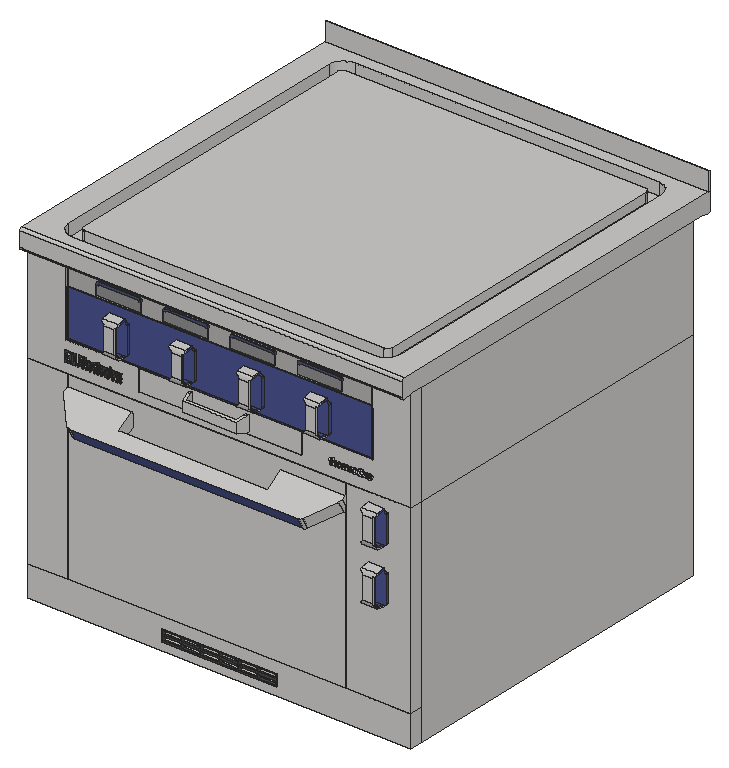
Revit family "QF_ELECTROLUXPROFESSIONAL_588424_MATGEBH8AO", category Attrezzature speciali, Revit 2020 (continued)
Definition of nested family "Front_Panel_W800_Four Knobs"
  Definition of nested family "ELX_Professional_Logo_Small"
    Forms (mm)
      Extrusion 2, solid, material <- "Material_Logo"
        sketch origin (15.5, 0, 0) x (1, 0, 0) y (0, 1, 0)
          loop
            spline (-24.446, 2.769) -> (-24.47, 3.075) -> (-24.54, 3.37) -> (-24.654, 3.65) -> (-24.807, 3.913) -> (-24.996, 4.156) -> (-25.219, 4.376) -> (-25.472, 4.57) -> (-25.753, 4.736) -> (-26.057, 4.869) -> (-26.382, 4.968) -> (-26.724, 5.03) -> (-27.081, 5.051)
            spline (-27.081, 5.051) -> (-27.464, 5.03) -> (-27.832, 4.97) -> (-28.183, 4.872) -> (-28.513, 4.74) -> (-28.819, 4.577) -> (-29.099, 4.384) -> (-29.347, 4.165) -> (-29.563, 3.923) -> (-29.742, 3.659) -> (-29.881, 3.377) -> (-29.977, 3.079) -> (-30.027, 2.769)
            line (-30.027, 2.769) -> (-24.446, 2.769)
          loop
            spline (-18.167, 1.669) -> (-18.138, 2.13) -> (-18.055, 2.567) -> (-17.921, 2.978) -> (-17.739, 3.358) -> (-17.512, 3.705) -> (-17.243, 4.016) -> (-16.937, 4.287) -> (-16.596, 4.517) -> (-16.223, 4.7) -> (-15.823, 4.835) -> (-15.398, 4.919) -> (-14.951, 4.947)
            spline (-14.951, 4.947) -> (-14.677, 4.938) -> (-14.414, 4.913) -> (-14.162, 4.871) -> (-13.921, 4.812) -> (-13.69, 4.738) -> (-13.467, 4.649) -> (-13.254, 4.544) -> (-13.048, 4.424) -> (-12.85, 4.291) -> (-12.659, 4.143) -> (-12.474, 3.981) -> (-12.295, 3.806)
            line (-12.295, 3.806) -> (-10.76, 5.403)
            spline (-10.76, 5.403) -> (-11.065, 5.709) -> (-11.38, 5.984) -> (-11.703, 6.228) -> (-12.035, 6.443) -> (-12.375, 6.63) -> (-12.723, 6.788) -> (-13.078, 6.92) -> (-13.44, 7.026) -> (-13.809, 7.107) -> (-14.184, 7.164) -> (-14.564, 7.198) -> (-14.951, 7.209)
            spline (-14.951, 7.209) -> (-15.725, 7.161) -> (-16.467, 7.02) -> (-17.169, 6.792) -> (-17.826, 6.482) -> (-18.43, 6.096) -> (-18.976, 5.637) -> (-19.455, 5.112) -> (-19.862, 4.525) -> (-20.19, 3.882) -> (-20.433, 3.189) -> (-20.584, 2.449) -> (-20.635, 1.669)
            spline (-20.635, 1.669) -> (-20.584, 0.889) -> (-20.433, 0.149) -> (-20.19, -0.545) -> (-19.862, -1.187) -> (-19.455, -1.774) -> (-18.976, -2.299) -> (-18.43, -2.758) -> (-17.826, -3.145) -> (-17.169, -3.454) -> (-16.467, -3.682) -> (-15.725, -3.823) -> (-14.951, -3.871)
            spline (-14.951, -3.871) -> (-14.564, -3.86) -> (-14.184, -3.826) -> (-13.809, -3.77) -> (-13.44, -3.689) -> (-13.078, -3.583) -> (-12.723, -3.451) -> (-12.375, -3.292) -> (-12.035, -3.105) -> (-11.703, -2.89) -> (-11.38, -2.646) -> (-11.065, -2.371) -> (-10.76, -2.066)
            line (-10.76, -2.066) -> (-12.295, -0.468)
            spline (-12.295, -0.468) -> (-12.474, -0.643) -> (-12.659, -0.805) -> (-12.85, -0.953) -> (-13.048, -1.087) -> (-13.254, -1.206) -> (-13.467, -1.311) -> (-13.69, -1.4) -> (-13.921, -1.475) -> (-14.162, -1.533) -> (-14.414, -1.575) -> (-14.677, -1.6) -> (-14.951, -1.609)
            spline (-14.951, -1.609) -> (-15.398, -1.581) -> (-15.823, -1.497) -> (-16.223, -1.362) -> (-16.596, -1.179) -> (-16.937, -0.95) -> (-17.243, -0.678) -> (-17.512, -0.367) -> (-17.739, -0.02) -> (-17.921, 0.36) -> (-18.055, 0.771) -> (-18.138, 1.208) -> (-18.167, 1.669)
          loop
            spline (-4.441, -1.243) -> (-4.659, -1.247) -> (-4.894, -1.23) -> (-5.137, -1.19) -> (-5.384, -1.121) -> (-5.628, -1.021) -> (-5.864, -0.884) -> (-6.084, -0.708) -> (-6.283, -0.488) -> (-6.454, -0.219) -> (-6.592, 0.101) -> (-6.69, 0.478) -> (-6.742, 0.914)
            line (-6.742, 0.914) -> (-6.742, 4.587) -> (-4.487, 4.587) -> (-4.487, 6.838) -> (-6.738, 6.838) -> (-6.738, 10.824) -> (-9.217, 10.824) -> (-9.217, 0.773)
            spline (-9.217, 0.773) -> (-9.164, 0.19) -> (-9.068, -0.358) -> (-8.928, -0.87) -> (-8.742, -1.343) -> (-8.511, -1.777) -> (-8.232, -2.168) -> (-7.904, -2.515) -> (-7.527, -2.816) -> (-7.098, -3.069) -> (-6.618, -3.273) -> (-6.084, -3.426) -> (-5.496, -3.525)
            line (-5.496, -3.525) -> (-4.45, -3.573) -> (-4.441, -1.243)
          loop
            spline (3.898, 6.983) -> (3.469, 7.009) -> (3.056, 7.001) -> (2.661, 6.961) -> (2.283, 6.888) -> (1.925, 6.785) -> (1.588, 6.652) -> (1.272, 6.49) -> (0.979, 6.301) -> (0.71, 6.085) -> (0.465, 5.844) -> (0.247, 5.578) -> (0.056, 5.289)
            line (0.056, 5.289) -> (0.056, 6.838) -> (-2.402, 6.838) -> (-2.402, -3.572) -> (0.056, -3.572) -> (0.056, 1.901)
            spline (0.056, 1.901) -> (0.079, 2.316) -> (0.145, 2.703) -> (0.254, 3.06) -> (0.404, 3.386) -> (0.592, 3.679) -> (0.818, 3.938) -> (1.08, 4.162) -> (1.375, 4.348) -> (1.703, 4.495) -> (2.062, 4.602) -> (2.45, 4.668) -> (2.865, 4.69)
            line (2.865, 4.69) -> (3.898, 4.586) -> (3.898, 6.983)
          loop
            spline (15.638, 1.633) -> (15.586, 2.396) -> (15.435, 3.124) -> (15.192, 3.81) -> (14.863, 4.449) -> (14.455, 5.034) -> (13.975, 5.56) -> (13.43, 6.021) -> (12.826, 6.411) -> (12.17, 6.724) -> (11.469, 6.955) -> (10.729, 7.098) -> (9.958, 7.147)
            spline (9.958, 7.147) -> (9.182, 7.098) -> (8.44, 6.955) -> (7.737, 6.724) -> (7.081, 6.411) -> (6.477, 6.021) -> (5.933, 5.56) -> (5.454, 5.034) -> (5.048, 4.449) -> (4.721, 3.81) -> (4.479, 3.124) -> (4.329, 2.396) -> (4.277, 1.633)
            spline (4.277, 1.633) -> (4.329, 0.869) -> (4.479, 0.141) -> (4.721, -0.544) -> (5.048, -1.183) -> (5.454, -1.768) -> (5.933, -2.294) -> (6.477, -2.755) -> (7.081, -3.145) -> (7.737, -3.459) -> (8.44, -3.69) -> (9.182, -3.833) -> (9.958, -3.882)
            spline (9.958, -3.882) -> (10.729, -3.833) -> (11.469, -3.69) -> (12.17, -3.459) -> (12.826, -3.145) -> (13.43, -2.755) -> (13.975, -2.294) -> (14.455, -1.768) -> (14.863, -1.183) -> (15.192, -0.544) -> (15.435, 0.141) -> (15.586, 0.869) -> (15.638, 1.633)
          loop
            spline (13.18, 1.633) -> (13.151, 2.083) -> (13.067, 2.513) -> (12.932, 2.918) -> (12.748, 3.296) -> (12.52, 3.642) -> (12.251, 3.954) -> (11.943, 4.227) -> (11.601, 4.459) -> (11.228, 4.645) -> (10.828, 4.782) -> (10.403, 4.867) -> (9.958, 4.896)
            spline (9.958, 4.896) -> (9.509, 4.867) -> (9.081, 4.782) -> (8.679, 4.645) -> (8.306, 4.459) -> (7.964, 4.227) -> (7.658, 3.954) -> (7.39, 3.642) -> (7.163, 3.296) -> (6.981, 2.918) -> (6.847, 2.513) -> (6.765, 2.083) -> (6.736, 1.633)
            spline (6.736, 1.633) -> (6.765, 1.182) -> (6.847, 0.753) -> (6.981, 0.347) -> (7.163, -0.031) -> (7.39, -0.377) -> (7.658, -0.689) -> (7.964, -0.962) -> (8.306, -1.193) -> (8.679, -1.38) -> (9.081, -1.517) -> (9.509, -1.602) -> (9.958, -1.631)
            spline (9.958, -1.631) -> (10.403, -1.602) -> (10.828, -1.517) -> (11.228, -1.38) -> (11.601, -1.193) -> (11.943, -0.962) -> (12.251, -0.689) -> (12.52, -0.377) -> (12.748, -0.031) -> (12.932, 0.347) -> (13.067, 0.753) -> (13.151, 1.182) -> (13.18, 1.633)
          loop
            line (17.162, 4.269) -> (17.162, -3.573) -> (19.642, -3.573) -> (19.642, 10.824) -> (17.162, 10.824) -> (17.162, 4.269)
          loop
            line (28.581, 6.838) -> (28.581, 0.786)
            spline (28.581, 0.786) -> (28.561, 0.393) -> (28.503, 0.038) -> (28.409, -0.279) -> (28.281, -0.559) -> (28.122, -0.802) -> (27.933, -1.011) -> (27.717, -1.185) -> (27.476, -1.325) -> (27.213, -1.433) -> (26.929, -1.509) -> (26.626, -1.554) -> (26.308, -1.569)
            spline (26.308, -1.569) -> (25.99, -1.554) -> (25.688, -1.509) -> (25.404, -1.434) -> (25.141, -1.326) -> (24.9, -1.187) -> (24.684, -1.014) -> (24.496, -0.807) -> (24.336, -0.565) -> (24.209, -0.288) -> (24.115, 0.026) -> (24.057, 0.376) -> (24.037, 0.765)
            line (24.037, 0.765) -> (24.037, 6.838) -> (21.537, 6.838) -> (21.537, 0.558)
            spline (21.537, 0.558) -> (21.581, -0.153) -> (21.71, -0.8) -> (21.916, -1.384) -> (22.195, -1.904) -> (22.54, -2.362) -> (22.944, -2.757) -> (23.403, -3.09) -> (23.909, -3.362) -> (24.456, -3.572) -> (25.04, -3.722) -> (25.652, -3.811) -> (26.288, -3.841)
            spline (26.288, -3.841) -> (26.929, -3.811) -> (27.547, -3.72) -> (28.135, -3.568) -> (28.687, -3.355) -> (29.197, -3.079) -> (29.66, -2.741) -> (30.068, -2.341) -> (30.415, -1.877) -> (30.696, -1.349) -> (30.905, -0.757) -> (31.034, -0.101) -> (31.079, 0.621)
            line (31.079, 0.621) -> (31.079, 6.838) -> (28.581, 6.838)
          loop
            line (40.457, -0.243) -> (38.894, 1.942) -> (40.83, 4.579) -> (42.488, 6.837) -> (39.782, 6.837) -> (37.53, 3.719) -> (35.258, 6.837) -> (32.573, 6.837) -> (34.113, 4.731) -> (36.167, 1.922) -> (34.014, -1.076) -> (32.222, -3.573) -> (34.887, -3.573) -> (37.53, 0.104) -> (40.174, -3.573) -> (42.839, -3.573) -> (40.457, -0.243)
          loop
            line (-46.121, -5.837) -> (-48.039, -5.837) -> (-48.039, -10.814) -> (-47.016, -10.814) -> (-47.016, -9.128) -> (-46.121, -9.128)
            arc (-46.121, -9.128) -> (-44.476, -7.482) -> (-46.121, -5.837) r 1.645
          loop
            line (-46.163, -6.778) -> (-47.016, -6.778) -> (-47.016, -8.187) -> (-46.163, -8.187)
            arc (-46.163, -8.187) -> (-45.458, -7.482) -> (-46.163, -6.778) r 0.704
          loop
            line (-38.313, -5.837) -> (-40.265, -5.837) -> (-40.265, -10.814) -> (-39.241, -10.814) -> (-39.241, -9.1) -> (-38.46, -9.182) -> (-37.48, -10.814) -> (-36.318, -10.814) -> (-37.513, -8.848)
            arc (-37.513, -8.848) -> (-36.888, -8.266) -> (-36.671, -7.441) r 1.536
            arc (-36.671, -7.441) -> (-37.165, -6.305) -> (-38.313, -5.837) r 1.643
          loop
            arc (-38.402, -8.166) -> (-37.707, -7.505) -> (-38.334, -6.778) r 0.696
            line (-38.334, -6.778) -> (-39.241, -6.778) -> (-39.241, -8.166) -> (-38.402, -8.166)
          loop
            circle (-29.965, -8.325) r 2.585
          loop
            circle (-29.965, -8.325) r 1.64
          loop
            line (-23.1, -5.837) -> (-23.1, -10.814) -> (-22.076, -10.814) -> (-22.076, -8.768) -> (-20.204, -8.768) -> (-20.204, -7.828) -> (-22.076, -7.828) -> (-22.076, -6.778) -> (-20.024, -6.778) -> (-20.024, -5.837) -> (-23.1, -5.837)
          loop
            line (-15.802, -5.837) -> (-15.802, -9.2)
            arc (-15.802, -9.2) -> (-15.343, -10.34) -> (-14.209, -10.814) r 1.593
            line (-14.209, -10.814) -> (-12.602, -10.814) -> (-12.602, -10.027) -> (-14.004, -10.027)
            arc (-14.004, -10.027) -> (-14.552, -9.8) -> (-14.779, -9.252) r 0.775
            line (-14.779, -9.252) -> (-14.779, -8.424) -> (-12.789, -8.424) -> (-12.789, -7.642) -> (-14.779, -7.642) -> (-14.779, -6.778) -> (-12.651, -6.778) -> (-12.651, -5.837) -> (-15.802, -5.837)
          loop
            line (-5.909, -7.143) -> (-5.173, -6.638)
            arc (-5.173, -6.638) -> (-5.855, -5.974) -> (-6.781, -5.755) r 1.782
            arc (-6.781, -5.755) -> (-7.397, -5.878) -> (-7.944, -6.189) r 1.974
            arc (-7.944, -6.189) -> (-8.202, -6.5) -> (-8.317, -6.888) r 1.013
            arc (-8.317, -6.888) -> (-8.306, -7.341) -> (-8.192, -7.78) r 1.985
            arc (-8.192, -7.78) -> (-7.749, -8.259) -> (-7.171, -8.563) r 1.928
            arc (-7.171, -8.563) -> (-6.637, -8.779) -> (-6.131, -9.056) r 5.041
            arc (-6.131, -9.056) -> (-5.934, -9.387) -> (-6.09, -9.74) r 0.42
            arc (-6.09, -9.74) -> (-6.631, -9.96) -> (-7.204, -9.845) r 1.016
            arc (-7.204, -9.845) -> (-7.625, -9.603) -> (-7.889, -9.196) r 1.033
            line (-7.889, -9.196) -> (-8.67, -9.686)
            arc (-8.67, -9.686) -> (-8.361, -10.198) -> (-7.908, -10.589) r 1.914
            arc (-7.908, -10.589) -> (-7.334, -10.834) -> (-6.714, -10.896) r 2.063
            arc (-6.714, -10.896) -> (-5.947, -10.743) -> (-5.256, -10.376) r 2.696
            arc (-5.256, -10.376) -> (-4.95, -9.565) -> (-5.108, -8.712) r 1.618
            arc (-5.108, -8.712) -> (-5.448, -8.319) -> (-5.884, -8.035) r 1.876
            arc (-5.884, -8.035) -> (-6.434, -7.789) -> (-6.999, -7.577) r 9.883
            arc (-6.999, -7.577) -> (-7.325, -7.07) -> (-6.854, -6.694) r 0.45
            arc (-6.854, -6.694) -> (-6.329, -6.809) -> (-5.909, -7.143) r 1.197
          loop
            line (1.61, -7.143) -> (2.345, -6.638)
            arc (2.345, -6.638) -> (1.663, -5.974) -> (0.737, -5.755) r 1.782
            arc (0.737, -5.755) -> (0.121, -5.878) -> (-0.425, -6.189) r 1.974
            arc (-0.425, -6.189) -> (-0.683, -6.5) -> (-0.799, -6.888) r 1.013
            arc (-0.799, -6.888) -> (-0.788, -7.341) -> (-0.674, -7.78) r 1.985
            arc (-0.674, -7.78) -> (-0.231, -8.259) -> (0.347, -8.563) r 1.928
            arc (0.347, -8.563) -> (0.881, -8.779) -> (1.387, -9.056) r 5.041
            arc (1.387, -9.056) -> (1.584, -9.387) -> (1.428, -9.74) r 0.42
            arc (1.428, -9.74) -> (0.887, -9.96) -> (0.314, -9.845) r 1.016
            arc (0.314, -9.845) -> (-0.107, -9.603) -> (-0.371, -9.196) r 1.033
            line (-0.371, -9.196) -> (-1.152, -9.686)
            arc (-1.152, -9.686) -> (-0.842, -10.198) -> (-0.39, -10.589) r 1.914
            arc (-0.39, -10.589) -> (0.184, -10.834) -> (0.804, -10.896) r 2.063
            arc (0.804, -10.896) -> (1.572, -10.743) -> (2.263, -10.376) r 2.696
            arc (2.263, -10.376) -> (2.568, -9.565) -> (2.411, -8.712) r 1.618
            arc (2.411, -8.712) -> (2.07, -8.319) -> (1.635, -8.035) r 1.876
            arc (1.635, -8.035) -> (1.084, -7.789) -> (0.519, -7.577) r 9.883
            arc (0.519, -7.577) -> (0.193, -7.07) -> (0.665, -6.694) r 0.45
            arc (0.665, -6.694) -> (1.189, -6.809) -> (1.61, -7.143) r 1.197
          loop
            line (6.801, -5.837) -> (6.801, -10.814) -> (7.825, -10.814) -> (7.825, -5.837) -> (6.801, -5.837)
          loop
            circle (14.724, -8.325) r 1.548
          loop
            circle (14.724, -8.325) r 2.585
          loop
            line (21.59, -10.814) -> (22.623, -10.814) -> (22.623, -7.685) -> (24.9, -10.814) -> (25.895, -10.814) -> (25.895, -5.837) -> (24.861, -5.837) -> (24.861, -9.061) -> (22.585, -5.837) -> (21.59, -5.837) -> (21.59, -10.814)
          loop
            line (31.054, -10.814) -> (31.539, -9.74) -> (33.38, -9.74) -> (33.865, -10.814) -> (34.965, -10.814) -> (32.46, -5.837) -> (29.956, -10.814) -> (31.054, -10.814)
          loop
            line (32.46, -7.698) -> (31.999, -8.719) -> (32.921, -8.719) -> (32.46, -7.698)
          loop
            line (40.047, -9.873) -> (40.047, -5.837) -> (39.024, -5.837) -> (39.024, -10.814) -> (41.961, -10.814) -> (41.961, -9.873) -> (40.047, -9.873)
          loop
            line (-74.986, -10.814) -> (-53.322, -10.814) -> (-53.322, 10.82) -> (-74.986, 10.82) -> (-74.986, -10.814)
          loop
            line (-61.261, 9.758) -> (-61.261, -9.707)
            arc (-61.261, -9.707) -> (-54.066, 0.025) -> (-61.261, 9.758) r 10.18
          loop
            line (-62.251, 8.349) -> (-62.251, 9.758)
            arc (-62.251, 9.758) -> (-70.347, 7.918) -> (-74.247, 0.59) r 9.976
            line (-74.247, 0.59) -> (-71.026, 0.59)
            arc (-71.026, 0.59) -> (-65.274, 2.925) -> (-62.251, 8.349) r 9.351
          loop
            arc (-74.247, -0.539) -> (-70.353, -7.928) -> (-62.251, -9.957) r 10.237
            line (-62.251, -9.957) -> (-62.251, -8.298)
            arc (-62.251, -8.298) -> (-65.274, -2.874) -> (-71.026, -0.539) r 9.351
            line (-71.026, -0.539) -> (-74.247, -0.539)
        from 0 to 1.644
    Dimensions and locks
      aligned and locked: plane 2 to Extrusion 1
      aligned and locked: level to Extrusion 1
